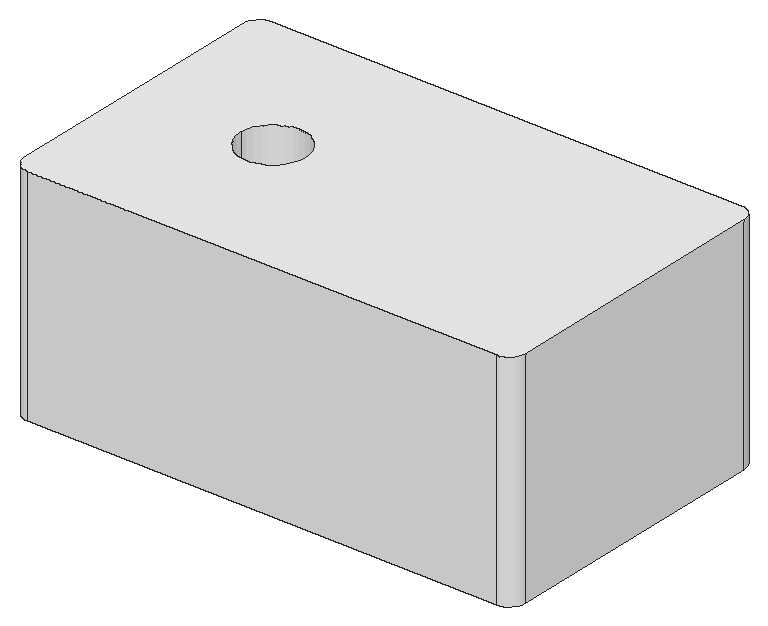
Revit family "BS0100010", category Plumbing Fixtures, Revit 2015
Parameters
  URL = "www.arboles.co.uk"
  Manufacturer = "ARBOLES UK LTD, 01204 388814"
  Description = "Belfast Ceramic Sink 460mm x 380mm x 205mm White"
Reference planes
  plane 1 "Center (Front/Back)": y = 0
  plane 2: z = 0
  plane 3 "Center (Left/Right)": x = 0
Forms (mm)
  Extrusion 1, solid
    sketch origin (0, 0, 0) x (1, 0, 0) y (0, 1, 0)
      loop
        line (15, 0) -> (445, 0)
        arc (445, 0) -> (455.607, 4.393) -> (460, 15) r 15
        line (460, 15) -> (460, 265)
        arc (460, 265) -> (455.607, 275.607) -> (445, 280) r 15
        line (445, 280) -> (15, 280)
        arc (15, 280) -> (4.393, 275.607) -> (0, 265) r 15
        line (0, 265) -> (0, 15)
        arc (0, 15) -> (4.393, 4.393) -> (15, 0) r 15
    from 0 to 205
  Extrusion 2, void
    sketch origin (0, 0, 0) x (1, 0, 0) y (0, 1, 0)
      loop
        arc (45, 245) -> (37.929, 242.071) -> (35, 235) r 10
        line (35, 235) -> (35, 227.613)
        arc (35, 227.613) -> (35.565, 225.304) -> (37.132, 223.517) r 5
        line (37.132, 223.517) -> (80.736, 192.986)
        arc (80.736, 192.986) -> (83.87, 189.412) -> (85, 184.794) r 10
        line (85, 184.794) -> (85, 95.206)
        arc (85, 95.206) -> (83.87, 90.588) -> (80.736, 87.014) r 10
        line (80.736, 87.014) -> (37.132, 56.483)
        arc (37.132, 56.483) -> (35.565, 54.696) -> (35, 52.387) r 5
        line (35, 52.387) -> (35, 45)
        arc (35, 45) -> (37.929, 37.929) -> (45, 35) r 10
        line (45, 35) -> (415, 35)
        arc (415, 35) -> (422.071, 37.929) -> (425, 45) r 10
        line (425, 45) -> (425, 235)
        arc (425, 235) -> (422.071, 242.071) -> (415, 245) r 10
        line (415, 245) -> (45, 245)
    from 0 to 165
  Extrusion 3, void
    sketch origin (0, 0, 0) x (1, 0, 0) y (0, 1, 0)
      loop
        line (100, 227.613) -> (35.3, 227.613) -> (35.3, 52.613) -> (100, 52.613) -> (100, 227.613)
    from 0 to 30
  Extrusion 4, void
    sketch origin (0, 0, 0) x (1, 0, 0) y (0, 1, 0)
      loop
        arc (47.325, 189.097) -> (43.79, 187.633) -> (42.325, 184.097) r 5
        line (42.325, 184.097) -> (42.325, 100)
        arc (42.325, 100) -> (43.79, 96.464) -> (47.325, 95) r 5
        line (47.325, 95) -> (65.717, 95)
        arc (65.717, 95) -> (69.252, 96.464) -> (70.717, 100) r 5
        line (70.717, 100) -> (70.717, 184.097)
        arc (70.717, 184.097) -> (69.252, 187.633) -> (65.717, 189.097) r 5
        line (65.717, 189.097) -> (47.325, 189.097)
    from 0 to 180
  Extrusion 5, void
    sketch origin (0, 0, 0) x (1, 0, 0) y (0, 1, 0)
      loop
        circle (127.958, 140) r 30
    from 0 to 250
Cuts and joins
  Extrusion 2, Extrusion 3, Extrusion 4, Extrusion 5 cuts Extrusion 1
Dimensions and locks
  aligned and locked: level to plane 2
